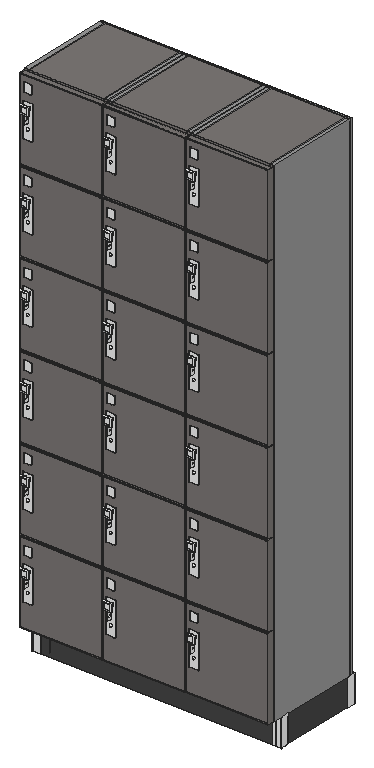
Revit family "Wood_Lockers_Hasps-Salsbury_Industries-46000_Series-3_Wide_Units.rfa", category Specialty Equipment, Revit 2016
Family settings
  Part Type = Normal
  Round Connector Dimension = Use Diameter
  OmniClass Number = 23.40.00.00
  OmniClass Title = Equipment and Furnishings
  Work Plane-Based = No
  Always vertical = Yes
  Cut with Voids When Loaded = No
  Shared = No
  Room Calculation Point = No
Parameters (values of type "46365")
  Width = 36.000"
  Version = "1.0 (01/31/24)"
  Unit Height including Sloping Hood Only [instance] = 77.743"
  Unit Height including Base Only [instance] = 76.000"
  URL = "www.lockers.com"
  Type Comments = "Premier Wood Lockers - Box Style - Six Tier - with Hasps"
  Total Doors Height [instance] = if(Unit Height = 72.000", 71.750", if(Unit Height = 60.000", 59.750", 0.000"))  # 71.750"
  Sloping Top Corner Filler - Right Side [instance] = Wood Locker Sloping Corner Fillers : None
  Sloping Top Corner Filler - Left Side [instance] = Wood Locker Sloping Corner Fillers : None
  Sloping In-Line Filler - Right Side [instance] = Wood Locker Sloping In-Line Fillers : None
  Sloping In-Line Filler - Left Side [instance] = Wood Locker Sloping In-Line Fillers : None
  Sloping Hood Height = if(Depth = 15.000", 5.743", if(Depth = 18.000", 6.868", if(Depth = 21.000", 7.993", if(Depth = 24.000", 9.118", 0.000"))))  # 5.743"
  Sloping Hood [instance] = Wood Locker Sloping Hoods : None
  Side Panel without Slope - Right Side [instance] = Wood Locker Side Panels-No Slope : None
  Side Panel without Slope - Left Side [instance] = Wood Locker Side Panels-No Slope : None
  Side Panel with Slope - Right Side [instance] = Wood Locker Side Panels-With Slope : None
  Side Panel with Slope - Left Side [instance] = Wood Locker Side Panels-With Slope : None
  Secondary Structure Materials = Particle Board Industrial Grade - Salsbury Finish - Black Melamine Overlay
  Primary Structure Materials = Particle Board Industrial Grade - Salsbury Finish - Plain
  Overall Unit Height including Base and Sloping Hood [instance] = 81.743"
  OmniClass 23 Title = "Equipment and Furnishings"
  OmniClass 23 Number = "23.40.00.00"
  Model = "46365"
  MasterFormat Title = "Lockers"
  MasterFormat Code = "10 51 23"
  Manufacturer = "Salsbury Industries"
  Laminate Surface [instance] = Industrial Grade Particleboard with Wood Laminate - Salsbury Finish - Skyline Walnut
  Unit Height = 72.000"
  Interior Material = Textured Melamine - Salsbury Finish - White
  Individual Door Width [instance] = 11.875"
  Individual Door Height = if(Unit Height = 72.000", 11.802", if(Unit Height = 60.000", 11.802", 0.000"))  # 11.802"
  Hardware = Aluminum - Salsbury Finish - Black Satin
  Front Vertical Filler - Right Side [instance] = Wood Locker Front Fillers : None
  Front Vertical Filler - Left Side [instance] = Wood Locker Front Fillers : None
  Front Corner Filler - Right Side [instance] = Wood Locker Front Corner Filler : None
  Front Corner Filler - Left Side [instance] = Wood Locker Front Corner Filler : None
  Flat Top In-Line Filler - Right Side [instance] = Wood Locker Flat In-Line Fillers : None
  Flat Top In-Line Filler - Left Side [instance] = Wood Locker Flat In-Line Fillers : None
  Flat Top Corner Filler - Right Side [instance] = Wood Locker Flat Corner Fillers : None
  Flat Top Corner Filler - Left Side [instance] = Wood Locker Flat Corner Fillers : None
  Fascia Filler [instance] = Wood Locker Fascia Fillers : None
  Double Side Panel without Slope - Right Side [instance] = Wood Locker Double Side Panels-No Slope : None
  Double Side Panel without Slope - Left Side [instance] = Wood Locker Double Side Panels-No Slope : None
  Double Side Panel with Slope - Right Side [instance] = Wood Locker Double Side Panels-With Slope : None
  Double Side Panel with Slope - Left Side [instance] = Wood Locker Double Side Panels-With Slope : None
  Door Location D1 = Premier Locker Doors_Hasp : Six Tier Door for Six Foot High Locker
  Description = "3 Wide - 6 Feet High - 15 inches Deep - with Base"
  Depth = 15.000"
  Compartment Width [instance] = 10.750"
  Compartment Height [instance] = if(Unit Height = 72.000", 11.125", if(Unit Height = 60.000", 11.100", 0.000"))  # 11.125"
  Compartment Depth [instance] = 13.750"
  Base Material = Particle Board Industrial Grade - Salsbury Finish - Black Melamine Overlay
  Base Height = 4.000"
  Base Depth [instance] = 13.250"
  Base = Wood Locker Bases : Base - 36" W x 15" D Lockers
  Assembly Code = "C1030310"
Reference planes (in)
  plane 1 "Center (Front/Back)": y = 0
  plane 2: z = 0
  plane 3 "Center (Left/Right)": x = 0
  plane 4 "Right Side of Unit": x = 18
  plane 5 "Left Side of Unit": x = -18
  plane 6 "Back of Unit": y = 7.5
  plane 7 "Front of Unit": y = -7.5
  plane 8 "Bottom of Base": z = 0
  plane 9 "Top Edge of Unit": z = 76
  plane 10 "Top of Base Edge": z = 4
  plane 11: z = 81.743
  plane 12 "Right Compartment 3 Edge": x = 17.406
  plane 13 "Left Compartment 1 Edge": x = -17.406
  plane 14 "Front Melamine Edge": y = -6.5
  plane 15 "Back Compartment Edge": y = 7.281
  plane 16 "Front Compartment Edge": y = -6.469
  plane 17 "Front Edge of Base": y = -5.125
  plane 18 "Bottom Edge of Door": z = 4.125
  plane 19 "Top Edge of Door": z = 75.875
  plane 20 "Bottom Compartment Edge": z = 4.75
  plane 21 "Top Compartment Edge": z = 75.25
  plane 22 "Center Top and Bottom": z = 40
  plane 23 "Left Melamine 1 Edge": x = -17.375
  plane 24 "Right Melamine 3 Edge": x = 17.375
  plane 25 "Back Melamine Edge": y = 7.25
  plane 26 "Left Edge of Door": x = -17.875
  plane 27: y = 8.125
  plane 28: y = -5.75
  plane 29 "Base / Ventillation Alignment": y = 8.125
  plane 30 "Compartment 1-2 Dividing Line": x = -6
  plane 31 "Compartment 2-3 Dividing Line": x = 6
  plane 32 "Right Compartment 1 Edge": x = -6.594
  plane 33 "Right Melamine 1 Edge": x = -6.625
  plane 34 "Left Compartment 2 Edge": x = -5.406
  plane 35 "Left Melamine 2 Edge": x = -5.375
  plane 36 "Right Compartment 2 Edge": x = 5.406
  plane 37 "Right Melamine 2 Edge": x = 5.375
  plane 38 "Left Compartment 3 Edge": x = 6.594
  plane 39 "Left Melamine 3 Edge": x = 6.625
  plane 40 "Compartment Shelf 5": z = 16.625
  plane 41: z = 15.875
  plane 42 "Compartment Extrusion Guide": z = 3.5
  plane 43 "Vertical Center of Compartment 1": x = -12
  plane 44 "Vertical Center of Compartment 3": x = 12
  plane 45: z = 15.927
  plane 46: z = 16.115
  plane 47: z = 27.75
  plane 48 "Compartment Shelf 4": z = 28.5
  plane 49: z = 27.917
  plane 50: z = 28.105
  plane 51 "Compartment Shelf 3": z = 40.375
  plane 52: z = 39.625
  plane 53: z = 40.095
  plane 54: z = 39.907
  plane 55: z = 51.5
  plane 56 "Compartment Shelf 2": z = 52.25
  plane 57: z = 51.897
  plane 58: z = 52.085
  plane 59: z = 63.375
  plane 60 "Compartment Shelf 1": z = 64.125
  plane 61: z = 63.887
  plane 62: z = 64.075
Forms (in)
  Extrusion 1, solid, material "Particle Board Industrial Grade - Salsbury Finish - Plain" <- "Primary Structure Materials"
    sketch origin (18, 0, 0) x (0, -1, 0) y (0, 0, 1)
      loop
        line (6.469, 76) -> (-7.25, 76) -> (-7.25, 4) -> (6.469, 4) -> (6.469, 76)
    from 0 to 0.594
  Extrusion 2, solid, material "Particle Board Industrial Grade - Salsbury Finish - Plain" <- "Primary Structure Materials"
    sketch origin (-18, 0, 0) x (0, -1, 0) y (0, 0, 1)
      loop
        line (-7.25, 76) -> (-7.25, 4) -> (6.469, 4) -> (6.469, 76) -> (-7.25, 76)
    from 0 to -0.594
  Extrusion 3, solid, material "Textured Melamine - Salsbury Finish - White" <- "Interior Material"
    sketch origin (0, 0, 4) x (0, -1, 0) y (1, 0, 0)
      loop
        line (-7.25, -17.375) -> (6.469, -17.375) -> (6.469, 17.375) -> (-7.25, 17.375) -> (-7.25, -17.375)
    from 0 to 0.75
  Extrusion 4, solid, material "Industrial Grade Particleboard with Wood Laminate - Salsbury Finish - Skyline Walnut" <- "Laminate Surface"
    sketch origin (0, 0, 76) x (0, -1, 0) y (1, 0, 0)
      loop
        line (-7.25, -17.375) -> (6.5, -17.375) -> (6.5, 17.375) -> (-7.25, 17.375) -> (-7.25, -17.375)
    from 0 to -0.75
  Extrusion 5, solid, material "Particle Board Industrial Grade - Salsbury Finish - Plain" <- "Primary Structure Materials"
    sketch origin (0, 7.5, 0) x (1, 0, 0) y (0, 0, 1)
      loop
        line (-18, 76) -> (-18, 4) -> (18, 4) -> (18, 76) -> (-18, 76)
    from 0 to 0.219
  Extrusion 6, solid, material "Industrial Grade Particleboard with Wood Laminate - Salsbury Finish - Skyline Walnut" <- "Laminate Surface"
    sketch origin (0, -6.469, 0) x (1, 0, 0) y (0, 0, 1)
      loop
        line (-18, 76) -> (-18, 4) -> (-17.375, 4) -> (-17.375, 76) -> (-18, 76)
    from 0 to 0.031
  Extrusion 7, solid, material "Industrial Grade Particleboard with Wood Laminate - Salsbury Finish - Skyline Walnut" <- "Laminate Surface"
    sketch origin (0, -6.469, 0) x (-1, 0, 0) y (0, 0, -1)
      loop
        line (-18, -76) -> (-17.375, -76) -> (-17.375, -4) -> (-18, -4) -> (-18, -76)
    from 0 to 0.031
  Extrusion 8, solid, material "Textured Melamine - Salsbury Finish - White" <- "Interior Material"
    sketch origin (0, 7.25, 0) x (1, 0, 0) y (0, 0, 1)
      loop
        line (-18, 76) -> (-18, 4) -> (18, 4) -> (18, 76) -> (-18, 76)
    from -0.031 to 0
  Extrusion 9, solid, material "Textured Melamine - Salsbury Finish - White" <- "Interior Material"
    sketch origin (-17.406, 0, 0) x (0, -1, 0) y (0, 0, 1)
      loop
        line (-7.25, 76) -> (-7.25, 4) -> (6.469, 4) -> (6.469, 76) -> (-7.25, 76)
    from 0 to -0.031
  Extrusion 10, solid, material "Textured Melamine - Salsbury Finish - White" <- "Interior Material"
    sketch origin (17.406, 0, 0) x (0, -1, 0) y (0, 0, 1)
      loop
        line (6.469, 76) -> (-7.25, 76) -> (-7.25, 4) -> (6.469, 4) -> (6.469, 76)
    from 0 to 0.031
  Extrusion 11, solid, material "Textured Melamine - Salsbury Finish - White" <- "Interior Material", detail levels fine
    sketch origin (0, 0, 16.625) x (0, -1, 0) y (1, 0, 0)
      loop
        line (-7.25, -17.375) -> (6.469, -17.375) -> (6.469, 17.375) -> (-7.25, 17.375) -> (-7.25, -17.375)
    from 0 to -0.75
  Extrusion 12, void
    sketch origin (0, 0, 76) x (0, -1, 0) y (1, 0, 0)
      loop
        line (-7.25, -6.625) -> (6.5, -6.625) -> (6.5, -5.375) -> (-7.25, -5.375) -> (-7.25, -6.625)
    from -72.5 to 0
  Extrusion 13, void
    sketch origin (12, 0, 76) x (0, -1, 0) y (1, 0, 0)
      loop
        line (-7.25, -6.625) -> (6.5, -6.625) -> (6.5, -5.375) -> (-7.25, -5.375) -> (-7.25, -6.625)
    from -72.5 to 0
  Extrusion 14, solid, material "Particle Board Industrial Grade - Salsbury Finish - Plain" <- "Primary Structure Materials"
    sketch origin (6.0625, 0, 0) x (0, -1, 0) y (0, 0, 1)
      loop
        line (6.469, 76) -> (-7.25, 76) -> (-7.25, 4) -> (6.469, 4) -> (6.469, 76)
    from 0.0625 to 0.6565
  Extrusion 15, solid, material "Textured Melamine - Salsbury Finish - White" <- "Interior Material"
    sketch origin (5.4685, 0, 0) x (0, -1, 0) y (0, 0, 1)
      loop
        line (6.469, 76) -> (-7.25, 76) -> (-7.25, 4) -> (6.469, 4) -> (6.469, 76)
    from 0.0625 to 0.0935
  Extrusion 16, solid, material "Particle Board Industrial Grade - Salsbury Finish - Plain" <- "Primary Structure Materials"
    sketch origin (-5.9375, 0, 0) x (0, -1, 0) y (0, 0, 1)
      loop
        line (6.469, 76) -> (-7.25, 76) -> (-7.25, 4) -> (6.469, 4) -> (6.469, 76)
    from 0.0625 to 0.6565
  Extrusion 17, solid, material "Textured Melamine - Salsbury Finish - White" <- "Interior Material"
    sketch origin (-6.5315, 0, 0) x (0, -1, 0) y (0, 0, 1)
      loop
        line (6.469, 76) -> (-7.25, 76) -> (-7.25, 4) -> (6.469, 4) -> (6.469, 76)
    from 0.0625 to 0.0935
  Extrusion 18, solid, material "Particle Board Industrial Grade - Salsbury Finish - Plain" <- "Primary Structure Materials"
    sketch origin (-5.9375, 0, 0) x (0, -1, 0) y (0, 0, 1)
      loop
        line (-7.25, 76) -> (-7.25, 4) -> (6.469, 4) -> (6.469, 76) -> (-7.25, 76)
    from 0.0625 to -0.5315
  Extrusion 19, solid, material "Textured Melamine - Salsbury Finish - White" <- "Interior Material"
    sketch origin (-5.3435, 0, 0) x (0, -1, 0) y (0, 0, 1)
      loop
        line (-7.25, 76) -> (-7.25, 4) -> (6.469, 4) -> (6.469, 76) -> (-7.25, 76)
    from 0.0625 to 0.0315
  Extrusion 20, solid, material "Particle Board Industrial Grade - Salsbury Finish - Plain" <- "Primary Structure Materials"
    sketch origin (6.0625, 0, 0) x (0, -1, 0) y (0, 0, 1)
      loop
        line (-7.25, 76) -> (-7.25, 4) -> (6.469, 4) -> (6.469, 76) -> (-7.25, 76)
    from 0.0625 to -0.5315
  Extrusion 21, solid, material "Textured Melamine - Salsbury Finish - White" <- "Interior Material"
    sketch origin (6.6565, 0, 0) x (0, -1, 0) y (0, 0, 1)
      loop
        line (-7.25, 76) -> (-7.25, 4) -> (6.469, 4) -> (6.469, 76) -> (-7.25, 76)
    from 0.0625 to 0.0315
  Extrusion 22, solid, material "Industrial Grade Particleboard with Wood Laminate - Salsbury Finish - Skyline Walnut" <- "Laminate Surface"
    sketch origin (11.375, -6.469, 0) x (1, 0, 0) y (0, 0, 1)
      loop
        line (-18, 76) -> (-18, 4) -> (-16.75, 4) -> (-16.75, 76) -> (-18, 76)
    from 0 to 0.031
  Extrusion 23, solid, material "Industrial Grade Particleboard with Wood Laminate - Salsbury Finish - Skyline Walnut" <- "Laminate Surface"
    sketch origin (23.375, -6.469, 0) x (1, 0, 0) y (0, 0, 1)
      loop
        line (-18, 76) -> (-18, 4) -> (-16.75, 4) -> (-16.75, 76) -> (-18, 76)
    from 0 to 0.031
  Extrusion 24, solid, material "Textured Melamine - Salsbury Finish - White" <- "Interior Material", detail levels fine
    sketch origin (0, 0, 28.5) x (0, -1, 0) y (1, 0, 0)
      loop
        line (-7.25, -17.375) -> (6.469, -17.375) -> (6.469, 17.375) -> (-7.25, 17.375) -> (-7.25, -17.375)
    from 0 to -0.75
  Extrusion 25, solid, material "Textured Melamine - Salsbury Finish - White" <- "Interior Material", detail levels fine
    sketch origin (0, 0, 40.375) x (0, -1, 0) y (1, 0, 0)
      loop
        line (-7.25, -17.375) -> (6.469, -17.375) -> (6.469, 17.375) -> (-7.25, 17.375) -> (-7.25, -17.375)
    from 0 to -0.75
  Extrusion 26, solid, material "Textured Melamine - Salsbury Finish - White" <- "Interior Material", detail levels fine
    sketch origin (0, 0, 52.25) x (0, -1, 0) y (1, 0, 0)
      loop
        line (-7.25, -17.375) -> (6.469, -17.375) -> (6.469, 17.375) -> (-7.25, 17.375) -> (-7.25, -17.375)
    from 0 to -0.75
  Extrusion 27, solid, material "Textured Melamine - Salsbury Finish - White" <- "Interior Material", detail levels fine
    sketch origin (0, 0, 64.125) x (0, -1, 0) y (1, 0, 0)
      loop
        line (-7.25, -17.375) -> (6.469, -17.375) -> (6.469, 17.375) -> (-7.25, 17.375) -> (-7.25, -17.375)
    from 0 to -0.75
  Extrusion 28, solid, material "Industrial Grade Particleboard with Wood Laminate - Salsbury Finish - Skyline Walnut" <- "Laminate Surface"
    sketch origin (0, -6.5, 0) x (1, 0, 0) y (0, 0, 1)
      loop
        line (-17.375, 64.125) -> (-17.375, 63.375) -> (17.375, 63.375) -> (17.375, 64.125) -> (-17.375, 64.125)
    from 0 to -0.031
  Extrusion 29, solid, material "Industrial Grade Particleboard with Wood Laminate - Salsbury Finish - Skyline Walnut" <- "Laminate Surface"
    sketch origin (0, -6.5, 0) x (1, 0, 0) y (0, 0, 1)
      loop
        line (-17.375, 52.25) -> (-17.375, 51.5) -> (17.375, 51.5) -> (17.375, 52.25) -> (-17.375, 52.25)
    from 0 to -0.031
  Extrusion 30, solid, material "Industrial Grade Particleboard with Wood Laminate - Salsbury Finish - Skyline Walnut" <- "Laminate Surface"
    sketch origin (0, -6.5, 0) x (1, 0, 0) y (0, 0, 1)
      loop
        line (-17.375, 40.375) -> (-17.375, 39.625) -> (17.375, 39.625) -> (17.375, 40.375) -> (-17.375, 40.375)
    from 0 to -0.031
  Extrusion 31, solid, material "Industrial Grade Particleboard with Wood Laminate - Salsbury Finish - Skyline Walnut" <- "Laminate Surface"
    sketch origin (0, -6.5, 0) x (1, 0, 0) y (0, 0, 1)
      loop
        line (-17.375, 28.5) -> (-17.375, 27.75) -> (17.375, 27.75) -> (17.375, 28.5) -> (-17.375, 28.5)
    from 0 to -0.031
  Extrusion 32, solid, material "Industrial Grade Particleboard with Wood Laminate - Salsbury Finish - Skyline Walnut" <- "Laminate Surface"
    sketch origin (0, -6.5, 0) x (1, 0, 0) y (0, 0, 1)
      loop
        line (-17.375, 16.625) -> (-17.375, 15.875) -> (17.375, 15.875) -> (17.375, 16.625) -> (-17.375, 16.625)
    from 0 to -0.031
  Extrusion 33, solid, material "Industrial Grade Particleboard with Wood Laminate - Salsbury Finish - Skyline Walnut" <- "Laminate Surface"
    sketch origin (0, -6.5, 0) x (1, 0, 0) y (0, 0, 1)
      loop
        line (-17.375, 4.75) -> (-17.375, 4) -> (17.375, 4) -> (17.375, 4.75) -> (-17.375, 4.75)
    from 0 to -0.031
Cuts and joins
  Extrusion 12, Extrusion 13 cuts Extrusion 4
  Extrusion 12, Extrusion 13 cuts Extrusion 11
  Extrusion 12, Extrusion 13 cuts Extrusion 3
  Extrusion 13 cuts Extrusion 8
  Extrusion 12, Extrusion 13 cuts Extrusion 24
  Extrusion 12, Extrusion 13 cuts Extrusion 25
  Extrusion 12, Extrusion 13 cuts Extrusion 26
  Extrusion 12, Extrusion 13 cuts Extrusion 27
Lines and regions (in)
  symbolic lines
    curve 1: line (-18, 7.25, 76) -> (18.00006, 7.25, 76)
    curve 2: line (-18, 7.25, 0) -> (-18, 7.25, 76)
    curve 3: line (18.00006, 7.25, 76) -> (18.00006, 7.25, 0)
    curve 4: line (17.406, -6.5, 76) -> (17.406, 8.125, 76)
    curve 5: line (17.406, -6.5, 0) -> (17.406, -6.5, 76)
    curve 6: line (17.406, 8.125, 76) -> (17.406, 8.125, 0)
    curve 7: line (18.00006, 7.25, 0) -> (-18, 7.25, 0)
    curve 8: line (17.406, -5.125, 0) -> (17.406, 8.125, 0)
    curve 9: line (17.406, 8.125, 0) -> (17.406, -5.125, 0)
    curve 10: line (17.406, -6.5, 0) -> (17.406, 8.125, 0)
    curve 11: line (-18, 8.125, 0) -> (18, 8.125, 0)
    curve 12: line (-18, -6.5, 0) -> (-18, 8.125, 0)
    curve 13: line (18, -6.5, 0) -> (-18, -6.5, 0)
    curve 14: line (18, 8.125, 0) -> (18, -6.5, 0)
Dimensions and locks (in)
  equal spacing: plane 5 "Left Side of Unit", plane 43 "Vertical Center of Compartment 1", plane 30 "Compartment 1-2 Dividing Line", plane 3 "Center (Left/Right)", plane 31 "Compartment 2-3 Dividing Line", plane 44 "Vertical Center of Compartment 3", plane 4 "Right Side of Unit"
  "Width": plane 5 "Left Side of Unit" to plane 4 "Right Side of Unit"
  equal spacing: plane 7 "Front of Unit", plane 1 "Center (Front/Back)", plane 6 "Back of Unit"
  "Depth": plane 7 "Front of Unit" to plane 6 "Back of Unit"
  "Base Height": plane 10 "Top of Base Edge" to plane 8 "Bottom of Base"
  "Unit Height": plane 9 "Top Edge of Unit" to plane 10 "Top of Base Edge"
  "Sloping Hood Height": plane 11 to plane 9 "Top Edge of Unit"
  locked: plane 12 "Right Compartment 3 Edge" to plane 4 "Right Side of Unit" at 0.594
  locked: plane 5 "Left Side of Unit" to plane 13 "Left Compartment 1 Edge" at 0.594
  locked: plane 7 "Front of Unit" to plane 14 "Front Melamine Edge" at 1
  locked: plane 15 "Back Compartment Edge" to plane 6 "Back of Unit" at 0.219
  locked: plane 14 "Front Melamine Edge" to plane 16 "Front Compartment Edge" at 0.031
  plane 18 "Bottom Edge of Door" to plane 10 "Top of Base Edge" = 0.125"
  plane 9 "Top Edge of Unit" to plane 19 "Top Edge of Door" = 0.125"
  plane 20 "Bottom Compartment Edge" to plane 10 "Top of Base Edge" = 0.750"
  plane 9 "Top Edge of Unit" to plane 21 "Top Compartment Edge" = 0.750"
  equal spacing: plane 9 "Top Edge of Unit", plane 22 "Center Top and Bottom", plane 10 "Top of Base Edge"
  locked: plane 24 "Right Melamine 3 Edge" to plane 12 "Right Compartment 3 Edge" at 0.031
  locked: plane 13 "Left Compartment 1 Edge" to plane 23 "Left Melamine 1 Edge" at 0.031
  locked: plane 25 "Back Melamine Edge" to plane 15 "Back Compartment Edge" at 0.031
  locked: plane 5 "Left Side of Unit" to plane 26 "Left Edge of Door" at 0.125
  "Individual Door Width": plane 26 "Left Edge of Door" to plane 30 "Compartment 1-2 Dividing Line"
  "Total Doors Height": plane 19 "Top Edge of Door" to plane 18 "Bottom Edge of Door"
  "Unit Height including Base Only": plane 9 "Top Edge of Unit" to plane 8 "Bottom of Base"
  "Unit Height including Sloping Hood Only": plane 11 to plane 10 "Top of Base Edge"
  "Overall Unit Height including Base and Sloping Hood": plane 11 to plane 8 "Bottom of Base"
  locked: plane 7 "Front of Unit" to plane 17 "Front Edge of Base" at 2.375
  locked: plane 6 "Back of Unit" to plane 27 at 0.625
  "Base Depth": plane 17 "Front Edge of Base" to plane 27
  "Compartment Width": plane 23 "Left Melamine 1 Edge" to plane 33 "Right Melamine 1 Edge"
  "Compartment Height": plane 41 to plane 20 "Bottom Compartment Edge"
  "Compartment Depth": plane 14 "Front Melamine Edge" to plane 25 "Back Melamine Edge"
  locked: plane 14 "Front Melamine Edge" to plane 28 at 0.75
  plane 14 "Front Melamine Edge" to plane 27 = 14.625"
  Extrusion 2 to Extrusion 9 = 13.719"
  plane 6 "Back of Unit" to plane 29 "Base / Ventillation Alignment" = 0.625"
  plane 32 "Right Compartment 1 Edge" to plane 30 "Compartment 1-2 Dividing Line" to plane 34 "Left Compartment 2 Edge" = 0.594" locked, 0.594" locked
  plane 36 "Right Compartment 2 Edge" to plane 31 "Compartment 2-3 Dividing Line" to plane 38 "Left Compartment 3 Edge" = 0.594" locked, 0.594" locked
  locked: plane 37 "Right Melamine 2 Edge" to plane 36 "Right Compartment 2 Edge" at 0.031
  locked: plane 38 "Left Compartment 3 Edge" to plane 39 "Left Melamine 3 Edge" at 0.031
  locked: plane 34 "Left Compartment 2 Edge" to plane 35 "Left Melamine 2 Edge" at 0.031
  locked: plane 33 "Right Melamine 1 Edge" to plane 32 "Right Compartment 1 Edge" at 0.031
  locked: plane 40 "Compartment Shelf 5" to plane 41 at 0.75
  locked: plane 10 "Top of Base Edge" to plane 42 "Compartment Extrusion Guide" at 0.5
  locked: plane 46 to plane 45 at 0.188
  "Individual Door Height": plane 45 to plane 18 "Bottom Edge of Door"
  locked: plane 48 "Compartment Shelf 4" to plane 47 at 0.75
  locked: plane 50 to plane 49 at 0.188
  "Individual Door Height": plane 49 to plane 46
  "Compartment Height": plane 47 to plane 40 "Compartment Shelf 5"
  locked: plane 53 to plane 54 at 0.188
  locked: plane 51 "Compartment Shelf 3" to plane 52 at 0.75
  "Individual Door Height": plane 54 to plane 50
  "Compartment Height": plane 52 to plane 48 "Compartment Shelf 4"
  locked: plane 56 "Compartment Shelf 2" to plane 55 at 0.75
  locked: plane 58 to plane 57 at 0.188
  locked: plane 60 "Compartment Shelf 1" to plane 59 at 0.75
  locked: plane 62 to plane 61 at 0.188
  "Compartment Height": plane 55 to plane 51 "Compartment Shelf 3"
  "Compartment Height": plane 59 to plane 56 "Compartment Shelf 2"
  "Individual Door Height": plane 57 to plane 53
  "Individual Door Height": plane 61 to plane 58
  aligned and locked: level to plane 2
  aligned and locked: plane 15 "Back Compartment Edge" to Extrusion 5
  aligned and locked: plane 4 "Right Side of Unit" to nested 1
  aligned and locked: plane 18 "Bottom Edge of Door" to nested 1
  aligned and locked: plane 7 "Front of Unit" to nested 1
  aligned and locked: plane 5 "Left Side of Unit" to nested 2
  aligned and locked: nested 2 to plane 14 "Front Melamine Edge"
  aligned and locked: plane 9 "Top Edge of Unit" to nested 2
  aligned and locked: plane 4 "Right Side of Unit" to nested 3
  aligned and locked: nested 3 to plane 9 "Top Edge of Unit"
  aligned and locked: nested 3 to plane 14 "Front Melamine Edge"
  aligned and locked: plane 9 "Top Edge of Unit" to nested 4
  aligned and locked: plane 28 to nested 4
  aligned and locked: nested 5 to plane 28
  aligned and locked: plane 5 "Left Side of Unit" to nested 5
  aligned and locked: plane 4 "Right Side of Unit" to nested 4
  aligned and locked: nested 5 to plane 9 "Top Edge of Unit"
  aligned and locked: nested 7 to plane 5 "Left Side of Unit"
  aligned and locked: nested 6 to plane 4 "Right Side of Unit"
  aligned and locked: plane 14 "Front Melamine Edge" to nested 6
  aligned and locked: nested 7 to plane 14 "Front Melamine Edge"
  aligned and locked: plane 10 "Top of Base Edge" to nested 6
  aligned and locked: nested 7 to plane 10 "Top of Base Edge"
  aligned and locked: plane 5 "Left Side of Unit" to nested 8
  aligned and locked: plane 4 "Right Side of Unit" to nested 9
  aligned and locked: nested 9 to plane 10 "Top of Base Edge"
  aligned and locked: plane 10 "Top of Base Edge" to nested 8
  aligned and locked: plane 16 "Front Compartment Edge" to nested 9
  aligned and locked: nested 8 to plane 14 "Front Melamine Edge"
  aligned and locked: plane 4 "Right Side of Unit" to nested 10
  aligned and locked: nested 10 to plane 10 "Top of Base Edge"
  aligned and locked: plane 14 "Front Melamine Edge" to nested 10
  aligned and locked: plane 14 "Front Melamine Edge" to nested 11
  aligned and locked: nested 11 to nested 3
  aligned and locked: plane 10 "Top of Base Edge" to nested 11
  aligned and locked: nested 12 to plane 5 "Left Side of Unit"
  aligned and locked: nested 12 to plane 14 "Front Melamine Edge"
  aligned and locked: nested 12 to plane 10 "Top of Base Edge"
  aligned and locked: plane 14 "Front Melamine Edge" to nested 13
  aligned and locked: nested 13 to plane 4 "Right Side of Unit"
  aligned and locked: nested 14 to plane 14 "Front Melamine Edge"
  aligned and locked: nested 14 to plane 5 "Left Side of Unit"
  aligned and locked: plane 10 "Top of Base Edge" to nested 13
  aligned and locked: nested 14 to plane 10 "Top of Base Edge"
  aligned and locked: plane 14 "Front Melamine Edge" to nested 15
  aligned and locked: plane 4 "Right Side of Unit" to nested 15
  aligned and locked: nested 16 to plane 14 "Front Melamine Edge"
  aligned and locked: plane 5 "Left Side of Unit" to nested 16
  aligned and locked: nested 15 to plane 8 "Bottom of Base"
  aligned and locked: nested 16 to plane 8 "Bottom of Base"
  aligned and locked: nested 17 to plane 5 "Left Side of Unit"
  aligned and locked: nested 18 to plane 4 "Right Side of Unit"
  aligned and locked: nested 18 to plane 14 "Front Melamine Edge"
  aligned and locked: nested 17 to plane 14 "Front Melamine Edge"
  aligned and locked: plane 8 "Bottom of Base" to nested 18
  aligned and locked: nested 17 to plane 8 "Bottom of Base"
  aligned and locked: plane 17 "Front Edge of Base" to nested 19
  aligned and locked: nested 20 to plane 9 "Top Edge of Unit"
  aligned and locked: plane 5 "Left Side of Unit" to nested 20
  aligned and locked: nested 21 to plane 9 "Top Edge of Unit"
  aligned and locked: plane 4 "Right Side of Unit" to nested 21
  aligned and locked: nested 21 to plane 14 "Front Melamine Edge"
  aligned and locked: nested 20 to plane 14 "Front Melamine Edge"
  aligned and locked: nested 23 to plane 9 "Top Edge of Unit"
  aligned and locked: plane 4 "Right Side of Unit" to nested 23
  aligned and locked: nested 22 to plane 9 "Top Edge of Unit"
  aligned and locked: plane 5 "Left Side of Unit" to nested 22
  aligned and locked: nested 23 to plane 28
  aligned and locked: nested 22 to plane 28
  aligned and locked: plane 8 "Bottom of Base" to nested 19
  aligned and locked: plane 3 "Center (Left/Right)" to nested 19
  aligned and locked: plane 25 "Back Melamine Edge" to Extrusion 3 sketch curve
  aligned and locked: Extrusion 3 sketch curve to plane 23 "Left Melamine 1 Edge"
  aligned and locked: plane 24 "Right Melamine 3 Edge" to Extrusion 3 sketch curve
  aligned and locked: plane 25 "Back Melamine Edge" to Extrusion 4 sketch curve
  aligned and locked: plane 24 "Right Melamine 3 Edge" to Extrusion 4 sketch curve
  aligned and locked: Extrusion 4 sketch curve to plane 23 "Left Melamine 1 Edge"
  aligned and locked: Extrusion 4 sketch curve to plane 14 "Front Melamine Edge"
  aligned and locked: Extrusion 4 to plane 9 "Top Edge of Unit"
  aligned and locked: plane 21 "Top Compartment Edge" to Extrusion 4
  aligned and locked: Extrusion 2 sketch curve to plane 9 "Top Edge of Unit"
  aligned and locked: plane 16 "Front Compartment Edge" to Extrusion 2 sketch curve
  aligned and locked: Extrusion 2 sketch curve to plane 25 "Back Melamine Edge"
  aligned and locked: plane 10 "Top of Base Edge" to Extrusion 2 sketch curve
  aligned and locked: Extrusion 2 to plane 13 "Left Compartment 1 Edge"
  aligned and locked: plane 5 "Left Side of Unit" to Extrusion 2
  aligned and locked: plane 10 "Top of Base Edge" to Extrusion 9 sketch curve
  aligned and locked: Extrusion 9 sketch curve to plane 25 "Back Melamine Edge"
  aligned and locked: Extrusion 9 sketch curve to plane 9 "Top Edge of Unit"
  aligned and locked: Extrusion 1 sketch curve to plane 16 "Front Compartment Edge"
  aligned and locked: plane 9 "Top Edge of Unit" to Extrusion 1 sketch curve
  aligned and locked: Extrusion 1 sketch curve to plane 10 "Top of Base Edge"
  aligned and locked: plane 25 "Back Melamine Edge" to Extrusion 1 sketch curve
  aligned and locked: Extrusion 1 to plane 4 "Right Side of Unit"
  aligned and locked: plane 12 "Right Compartment 3 Edge" to Extrusion 1
  aligned and locked: Extrusion 10 sketch curve to plane 10 "Top of Base Edge"
  aligned and locked: plane 25 "Back Melamine Edge" to Extrusion 10 sketch curve
  aligned and locked: Extrusion 10 sketch curve to plane 16 "Front Compartment Edge"
  aligned and locked: plane 9 "Top Edge of Unit" to Extrusion 10 sketch curve
  aligned and locked: Extrusion 10 to plane 12 "Right Compartment 3 Edge"
  aligned and locked: plane 24 "Right Melamine 3 Edge" to Extrusion 10
  aligned and locked: Extrusion 8 sketch curve to plane 10 "Top of Base Edge"
  aligned and locked: plane 4 "Right Side of Unit" to Extrusion 8 sketch curve
  aligned and locked: plane 9 "Top Edge of Unit" to Extrusion 8 sketch curve
  aligned and locked: Extrusion 8 sketch curve to plane 5 "Left Side of Unit"
  aligned and locked: Extrusion 8 to plane 15 "Back Compartment Edge"
  aligned and locked: plane 25 "Back Melamine Edge" to Extrusion 8
  aligned and locked: plane 9 "Top Edge of Unit" to Extrusion 5 sketch curve
  aligned and locked: Extrusion 5 sketch curve to plane 5 "Left Side of Unit"
  aligned and locked: Extrusion 5 sketch curve to plane 10 "Top of Base Edge"
  aligned and locked: plane 4 "Right Side of Unit" to Extrusion 5 sketch curve
  aligned and locked: Extrusion 7 sketch curve to plane 9 "Top Edge of Unit"
  aligned and locked: Extrusion 7 sketch curve to plane 4 "Right Side of Unit"
  aligned and locked: plane 24 "Right Melamine 3 Edge" to Extrusion 7 sketch curve
  aligned and locked: plane 10 "Top of Base Edge" to Extrusion 7 sketch curve
  aligned and locked: Extrusion 7 to plane 16 "Front Compartment Edge"
  aligned and locked: plane 14 "Front Melamine Edge" to Extrusion 7
  aligned and locked: Extrusion 6 sketch curve to plane 10 "Top of Base Edge"
  aligned and locked: plane 23 "Left Melamine 1 Edge" to Extrusion 6 sketch curve
  aligned and locked: Extrusion 6 sketch curve to plane 5 "Left Side of Unit"
  aligned and locked: plane 9 "Top Edge of Unit" to Extrusion 6 sketch curve
  aligned and locked: Extrusion 6 to plane 16 "Front Compartment Edge"
  aligned and locked: plane 14 "Front Melamine Edge" to Extrusion 6
  aligned and locked: plane 16 "Front Compartment Edge" to Extrusion 9
  aligned and locked: plane 13 "Left Compartment 1 Edge" to Extrusion 9
  aligned and locked: nested 2 to curve 1
  aligned and locked: curve 2 to nested 16
  aligned and locked: nested 15 to curve 5
  aligned and locked: curve 9 to nested 19
  aligned and locked: curve 10 to nested 15
  aligned and locked: curve 12 to plane 5 "Left Side of Unit"
  aligned and locked: plane 29 "Base / Ventillation Alignment" to curve 11
  aligned and locked: plane 29 "Base / Ventillation Alignment" to curve 6
  aligned and locked: plane 14 "Front Melamine Edge" to nested 24
  aligned and locked: plane 9 "Top Edge of Unit" to nested 24
  aligned and locked: plane 3 "Center (Left/Right)" to nested 24
  aligned and locked: plane 14 "Front Melamine Edge" to nested 25
  aligned and locked: plane 3 "Center (Left/Right)" to nested 25
  aligned and locked: plane 9 "Top Edge of Unit" to nested 25
  aligned and locked: plane 25 "Back Melamine Edge" to Extrusion 11 sketch curve
  aligned and locked: Extrusion 11 sketch curve to plane 23 "Left Melamine 1 Edge"
  aligned and locked: plane 24 "Right Melamine 3 Edge" to Extrusion 11 sketch curve
  aligned and locked: Extrusion 12 sketch curve to plane 25 "Back Melamine Edge"
  aligned and locked: plane 33 "Right Melamine 1 Edge" to Extrusion 12 sketch curve
  aligned and locked: plane 14 "Front Melamine Edge" to Extrusion 12 sketch curve
  aligned and locked: Extrusion 12 sketch curve to plane 35 "Left Melamine 2 Edge"
  aligned and locked: Extrusion 12 to plane 9 "Top Edge of Unit"
  aligned and locked: plane 42 "Compartment Extrusion Guide" to Extrusion 12
  aligned and locked: Extrusion 13 sketch curve to plane 37 "Right Melamine 2 Edge"
  aligned and locked: plane 39 "Left Melamine 3 Edge" to Extrusion 13 sketch curve
  aligned and locked: plane 25 "Back Melamine Edge" to Extrusion 13 sketch curve
  aligned and locked: Extrusion 13 sketch curve to plane 14 "Front Melamine Edge"
  aligned and locked: plane 42 "Compartment Extrusion Guide" to Extrusion 13
  aligned and locked: Extrusion 13 to plane 9 "Top Edge of Unit"
  aligned and locked: plane 9 "Top Edge of Unit" to Extrusion 14 sketch curve
  aligned and locked: plane 25 "Back Melamine Edge" to Extrusion 14 sketch curve
  aligned and locked: Extrusion 14 sketch curve to plane 10 "Top of Base Edge"
  aligned and locked: Extrusion 14 sketch curve to plane 16 "Front Compartment Edge"
  aligned and locked: plane 36 "Right Compartment 2 Edge" to Extrusion 14
  aligned and locked: Extrusion 14 to plane 31 "Compartment 2-3 Dividing Line"
  aligned and locked: plane 25 "Back Melamine Edge" to Extrusion 15 sketch curve
  aligned and locked: plane 9 "Top Edge of Unit" to Extrusion 15 sketch curve
  aligned and locked: Extrusion 15 sketch curve to plane 10 "Top of Base Edge"
  aligned and locked: Extrusion 15 sketch curve to plane 16 "Front Compartment Edge"
  aligned and locked: Extrusion 15 to plane 36 "Right Compartment 2 Edge"
  aligned and locked: plane 37 "Right Melamine 2 Edge" to Extrusion 15
  aligned and locked: plane 25 "Back Melamine Edge" to Extrusion 16 sketch curve
  aligned and locked: plane 9 "Top Edge of Unit" to Extrusion 16 sketch curve
  aligned and locked: Extrusion 16 sketch curve to plane 10 "Top of Base Edge"
  aligned and locked: Extrusion 16 sketch curve to plane 16 "Front Compartment Edge"
  aligned and locked: plane 32 "Right Compartment 1 Edge" to Extrusion 16
  aligned and locked: Extrusion 16 to plane 30 "Compartment 1-2 Dividing Line"
  aligned and locked: plane 25 "Back Melamine Edge" to Extrusion 17 sketch curve
  aligned and locked: plane 9 "Top Edge of Unit" to Extrusion 17 sketch curve
  aligned and locked: Extrusion 17 sketch curve to plane 10 "Top of Base Edge"
  aligned and locked: Extrusion 17 sketch curve to plane 16 "Front Compartment Edge"
  aligned and locked: Extrusion 17 to plane 32 "Right Compartment 1 Edge"
  aligned and locked: plane 33 "Right Melamine 1 Edge" to Extrusion 17
  aligned and locked: plane 10 "Top of Base Edge" to Extrusion 18 sketch curve
  aligned and locked: plane 16 "Front Compartment Edge" to Extrusion 18 sketch curve
  aligned and locked: Extrusion 18 sketch curve to plane 25 "Back Melamine Edge"
  aligned and locked: Extrusion 18 sketch curve to plane 9 "Top Edge of Unit"
  aligned and locked: Extrusion 18 to plane 34 "Left Compartment 2 Edge"
  aligned and locked: plane 30 "Compartment 1-2 Dividing Line" to Extrusion 18
  aligned and locked: Extrusion 19 sketch curve to plane 25 "Back Melamine Edge"
  aligned and locked: Extrusion 19 sketch curve to plane 9 "Top Edge of Unit"
  aligned and locked: plane 10 "Top of Base Edge" to Extrusion 19 sketch curve
  aligned and locked: plane 16 "Front Compartment Edge" to Extrusion 19 sketch curve
  aligned and locked: Extrusion 19 to plane 35 "Left Melamine 2 Edge"
  aligned and locked: plane 34 "Left Compartment 2 Edge" to Extrusion 19
  aligned and locked: plane 16 "Front Compartment Edge" to Extrusion 20 sketch curve
  aligned and locked: plane 10 "Top of Base Edge" to Extrusion 20 sketch curve
  aligned and locked: Extrusion 20 sketch curve to plane 9 "Top Edge of Unit"
  aligned and locked: Extrusion 20 sketch curve to plane 25 "Back Melamine Edge"
  aligned and locked: plane 31 "Compartment 2-3 Dividing Line" to Extrusion 20
  aligned and locked: Extrusion 20 to plane 38 "Left Compartment 3 Edge"
  aligned and locked: Extrusion 21 sketch curve to plane 25 "Back Melamine Edge"
  aligned and locked: Extrusion 21 sketch curve to plane 9 "Top Edge of Unit"
  aligned and locked: plane 10 "Top of Base Edge" to Extrusion 21 sketch curve
  aligned and locked: plane 16 "Front Compartment Edge" to Extrusion 21 sketch curve
  aligned and locked: Extrusion 21 to plane 39 "Left Melamine 3 Edge"
  aligned and locked: plane 38 "Left Compartment 3 Edge" to Extrusion 21
  aligned and locked: plane 31 "Compartment 2-3 Dividing Line" to nested 26
  aligned and locked: plane 30 "Compartment 1-2 Dividing Line" to nested 27
  aligned and locked: plane 18 "Bottom Edge of Door" to nested 26
  aligned and locked: plane 18 "Bottom Edge of Door" to nested 27
  aligned and locked: plane 7 "Front of Unit" to nested 26
  aligned and locked: plane 7 "Front of Unit" to nested 27
  aligned and locked: Extrusion 22 sketch curve to plane 33 "Right Melamine 1 Edge"
  aligned and locked: plane 9 "Top Edge of Unit" to Extrusion 22 sketch curve
  aligned and locked: plane 35 "Left Melamine 2 Edge" to Extrusion 22 sketch curve
  aligned and locked: Extrusion 22 sketch curve to plane 10 "Top of Base Edge"
  aligned and locked: Extrusion 22 to plane 16 "Front Compartment Edge"
  aligned and locked: plane 14 "Front Melamine Edge" to Extrusion 22
  aligned and locked: plane 9 "Top Edge of Unit" to Extrusion 23 sketch curve
  aligned and locked: Extrusion 23 sketch curve to plane 37 "Right Melamine 2 Edge"
  aligned and locked: plane 39 "Left Melamine 3 Edge" to Extrusion 23 sketch curve
  aligned and locked: Extrusion 23 sketch curve to plane 10 "Top of Base Edge"
  aligned and locked: Extrusion 23 to plane 16 "Front Compartment Edge"
  aligned and locked: plane 14 "Front Melamine Edge" to Extrusion 23
  aligned and locked: plane 46 to nested 30
  aligned and locked: plane 46 to nested 29
  aligned and locked: plane 30 "Compartment 1-2 Dividing Line" to nested 30
  aligned and locked: plane 31 "Compartment 2-3 Dividing Line" to nested 29
  aligned and locked: plane 46 to nested 28
  aligned and locked: plane 4 "Right Side of Unit" to nested 28
  aligned and locked: plane 7 "Front of Unit" to nested 28
  aligned and locked: plane 7 "Front of Unit" to nested 29
  aligned and locked: plane 7 "Front of Unit" to nested 30
  aligned and locked: plane 25 "Back Melamine Edge" to Extrusion 24 sketch curve
  aligned and locked: plane 24 "Right Melamine 3 Edge" to Extrusion 24 sketch curve
  aligned and locked: Extrusion 24 sketch curve to plane 23 "Left Melamine 1 Edge"
  aligned and locked: plane 7 "Front of Unit" to nested 31
  aligned and locked: plane 7 "Front of Unit" to nested 32
  aligned and locked: plane 7 "Front of Unit" to nested 33
  aligned and locked: plane 50 to nested 31
  aligned and locked: plane 50 to nested 32
  aligned and locked: plane 50 to nested 33
  aligned and locked: plane 4 "Right Side of Unit" to nested 31
  aligned and locked: plane 31 "Compartment 2-3 Dividing Line" to nested 32
  aligned and locked: plane 30 "Compartment 1-2 Dividing Line" to nested 33
  aligned and locked: Extrusion 25 sketch curve to plane 23 "Left Melamine 1 Edge"
  aligned and locked: plane 25 "Back Melamine Edge" to Extrusion 25 sketch curve
  aligned and locked: plane 24 "Right Melamine 3 Edge" to Extrusion 25 sketch curve
  aligned and locked: plane 7 "Front of Unit" to nested 34
  aligned and locked: plane 7 "Front of Unit" to nested 35
  aligned and locked: plane 7 "Front of Unit" to nested 36
  aligned and locked: plane 4 "Right Side of Unit" to nested 34
  aligned and locked: plane 53 to nested 34
  aligned and locked: plane 31 "Compartment 2-3 Dividing Line" to nested 35
  aligned and locked: plane 53 to nested 35
  aligned and locked: plane 30 "Compartment 1-2 Dividing Line" to nested 36
  aligned and locked: plane 53 to nested 36
  aligned and locked: plane 25 "Back Melamine Edge" to Extrusion 26 sketch curve
  aligned and locked: plane 24 "Right Melamine 3 Edge" to Extrusion 26 sketch curve
  aligned and locked: Extrusion 26 sketch curve to plane 23 "Left Melamine 1 Edge"
  aligned and locked: plane 25 "Back Melamine Edge" to Extrusion 27 sketch curve
  aligned and locked: plane 24 "Right Melamine 3 Edge" to Extrusion 27 sketch curve
  aligned and locked: Extrusion 27 sketch curve to plane 23 "Left Melamine 1 Edge"
  aligned and locked: plane 7 "Front of Unit" to nested 40
  aligned and locked: plane 7 "Front of Unit" to nested 37
  aligned and locked: plane 7 "Front of Unit" to nested 41
  aligned and locked: plane 7 "Front of Unit" to nested 38
  aligned and locked: plane 7 "Front of Unit" to nested 42
  aligned and locked: plane 7 "Front of Unit" to nested 39
  aligned and locked: plane 4 "Right Side of Unit" to nested 37
  aligned and locked: plane 58 to nested 37
  aligned and locked: plane 58 to nested 38
  aligned and locked: plane 31 "Compartment 2-3 Dividing Line" to nested 38
  aligned and locked: plane 58 to nested 39
  aligned and locked: plane 30 "Compartment 1-2 Dividing Line" to nested 39
  aligned and locked: plane 62 to nested 42
  aligned and locked: plane 30 "Compartment 1-2 Dividing Line" to nested 42
  aligned and locked: plane 4 "Right Side of Unit" to nested 40
  aligned and locked: plane 62 to nested 40
  aligned and locked: plane 62 to nested 41
  aligned and locked: plane 31 "Compartment 2-3 Dividing Line" to nested 41
  aligned and locked: plane 16 "Front Compartment Edge" to Extrusion 27
  aligned and locked: Extrusion 28 sketch curve to cut or joined group of Extrusion 12, Extrusion 13, Extrusion 27  (x4)
  aligned and locked: plane 14 "Front Melamine Edge" to Extrusion 28
  aligned and locked: Extrusion 28 to plane 16 "Front Compartment Edge"
  aligned and locked: plane 16 "Front Compartment Edge" to Extrusion 26
  aligned and locked: Extrusion 29 sketch curve to cut or joined group of Extrusion 12, Extrusion 13, Extrusion 26  (x3)
  aligned and locked: Extrusion 29 to Extrusion 7
  aligned and locked: plane 14 "Front Melamine Edge" to Extrusion 29
  aligned and locked: Extrusion 29 to plane 16 "Front Compartment Edge"
  aligned and locked: plane 14 "Front Melamine Edge" to Extrusion 30
  aligned and locked: Extrusion 30 to plane 16 "Front Compartment Edge"
  aligned and locked: plane 16 "Front Compartment Edge" to Extrusion 25
  aligned and locked: plane 16 "Front Compartment Edge" to Extrusion 24
  aligned and locked: Extrusion 31 sketch curve to cut or joined group of Extrusion 12, Extrusion 13, Extrusion 24  (x4)
  aligned and locked: plane 14 "Front Melamine Edge" to Extrusion 31
  aligned and locked: Extrusion 31 to plane 16 "Front Compartment Edge"
  aligned and locked: plane 16 "Front Compartment Edge" to Extrusion 11
  aligned and locked: Extrusion 32 sketch curve to cut or joined group of Extrusion 11, Extrusion 12, Extrusion 13  (x4)
  aligned and locked: plane 14 "Front Melamine Edge" to Extrusion 32
  aligned and locked: Extrusion 32 to plane 16 "Front Compartment Edge"
  aligned and locked: plane 16 "Front Compartment Edge" to Extrusion 3
  aligned and locked: Extrusion 33 sketch curve to cut or joined group of Extrusion 3, Extrusion 12, Extrusion 13  (x3)
  aligned and locked: Extrusion 7 to Extrusion 33 sketch curve
  aligned and locked: plane 14 "Front Melamine Edge" to Extrusion 33
  aligned and locked: Extrusion 33 to plane 16 "Front Compartment Edge"
Automatic sketch dimensions
  Extrusion 9 sketch curve to plane 16 "Front Compartment Edge" = 0.000"
  curve 3 to level = 0.000"
  curve 3 to plane 4 "Right Side of Unit" = 0.00006"
  curve 8 to plane 17 "Front Edge of Base" = 0.000"
  curve 9 to plane 17 "Front Edge of Base" = 0.000"
  plane 9 "Top Edge of Unit" to curve 5 = 0.000"
  curve 13 to plane 4 "Right Side of Unit" = 0.000"
  Extrusion 27 sketch curve to plane 14 "Front Melamine Edge" = 0.031"
  Extrusion 26 sketch curve to plane 14 "Front Melamine Edge" = 0.031"
  Extrusion 29 sketch curve to plane 37 "Right Melamine 2 Edge" = 12.000"
  plane 14 "Front Melamine Edge" to curve 13 = 0.000"
  plane 23 "Left Melamine 1 Edge" to Extrusion 30 sketch curve = 0.000"
  plane 24 "Right Melamine 3 Edge" to Extrusion 30 sketch curve = 0.000"
  Extrusion 30 sketch curve to plane 52 = 0.000"
  Extrusion 30 sketch curve to plane 51 "Compartment Shelf 3" = 0.000"
  Extrusion 25 sketch curve to plane 14 "Front Melamine Edge" = 0.031"
  Extrusion 24 sketch curve to plane 14 "Front Melamine Edge" = 0.031"
  Extrusion 11 sketch curve to plane 14 "Front Melamine Edge" = 0.031"
  Extrusion 3 sketch curve to plane 14 "Front Melamine Edge" = 0.031"
Nested families (in)
  nested 1: "Premier Locker Doors_Hasp" at (12.0625, -7.125, 4.125), type <- "Door Location D1", type "Six Tier Door for Six Foot High Locker"
  nested 2: "Wood Locker Sloping Corner Fillers" at (-27.25, 0.5, 76), type <- "Sloping Top Corner Filler - Left Side", type "None"
  nested 3: "Wood Locker Sloping Corner Fillers" at (27.25, 0.5, 76) x (-1, 0, 0) z (0, 0, 1), type <- "Sloping Top Corner Filler - Right Side", type "None"
  nested 4: "Wood Locker Flat Corner Fillers" at (25.5, -2.125, 75.25), type <- "Flat Top Corner Filler - Right Side", type "None"
  nested 5: "Wood Locker Flat Corner Fillers" at (-25.5, -2.125, 75.25) x (-1, 0, 0) z (0, 0, 1), type <- "Flat Top Corner Filler - Left Side", type "None"
  nested 6: "Wood Locker Side Panels-No Slope" at (18.375, 0.5, 4) x (0, 1, 0) z (0, 0, 1), type <- "Side Panel without Slope - Right Side", type "None"
  nested 7: "Wood Locker Side Panels-No Slope" at (-18.375, 0.5, 4) x (0, 1, 0) z (0, 0, 1), type <- "Side Panel without Slope - Left Side", type "None"
  nested 8: "Wood Locker Side Panels-With Slope" at (-18.375, 0.8125, 4) x (0, -1, 0) z (0, 0, 1), type <- "Side Panel with Slope - Left Side", type "None"
  nested 9: "Wood Locker Side Panels-With Slope" at (18.375, 0.8435, 4) x (0, -1, 0) z (0, 0, 1), type <- "Side Panel with Slope - Right Side", type "None"
  nested 10: "Wood Locker Side Panels-With Slope" at (18.375, 0.8125, 4) x (0, -1, 0) z (0, 0, 1), type <- "Side Panel with Slope - Right Side", type "None"
  nested 11: "Wood Locker Double Side Panels-No Slope" at (18.375, 0.5, 4) x (0, 1, 0) z (0, 0, 1), type <- "Double Side Panel without Slope - Right Side", type "None"
  nested 12: "Wood Locker Double Side Panels-No Slope" at (-18.375, 0.5, 4) x (0, 1, 0) z (0, 0, 1), type <- "Double Side Panel without Slope - Left Side", type "None"
  nested 13: "Wood Locker Double Side Panels-With Slope" at (18.375, 0.5, 4) x (0, 1, 0) z (0, 0, 1), type <- "Double Side Panel with Slope - Right Side", type "None"
  nested 14: "Wood Locker Double Side Panels-With Slope" at (-18.375, 0.5, 4) x (0, 1, 0) z (0, 0, 1), type <- "Double Side Panel with Slope - Left Side", type "None"
  nested 15: "Wood Locker Front Fillers" at (25.5, -6.125, 0), type <- "Front Vertical Filler - Right Side", type "None"
  nested 16: "Wood Locker Front Fillers" at (-25.5, -6.125, 0) x (-1, 0, 0) z (0, 0, 1), type <- "Front Vertical Filler - Left Side", type "None"
  nested 17: "Wood Locker Front Corner Filler" at (-19.125, -6.125, 0), type <- "Front Corner Filler - Left Side", type "None"
  nested 18: "Wood Locker Front Corner Filler" at (19.125, -6.125, 0) x (-1, 0, 0) z (0, 0, 1), type <- "Front Corner Filler - Right Side", type "None"
  nested 19: "Wood Locker Bases" at (0, 1.5, 0), type <- "Base", type "Base - 36" W x 15" D Lockers"
  nested 20: "Wood Locker Sloping In-Line Fillers" at (-24, 0.5, 76), type <- "Sloping In-Line Filler - Left Side", type "None"
  nested 21: "Wood Locker Sloping In-Line Fillers" at (24, 0.5, 76) x (-1, 0, 0) z (0, 0, 1), type <- "Sloping In-Line Filler - Right Side", type "None"
  nested 22: "Wood Locker Flat In-Line Fillers" at (-25.5, 0.875, 75.25), type <- "Flat Top In-Line Filler - Left Side", type "None"
  nested 23: "Wood Locker Flat In-Line Fillers" at (25.5, 0.875, 75.25) x (-1, 0, 0) z (0, 0, 1), type <- "Flat Top In-Line Filler - Right Side", type "None"
  nested 24: "Wood Locker Fascia Fillers" at (0, -6.125, 76), type <- "Fascia Filler", type "None"
  nested 25: "Wood Locker Sloping Hoods" at (0, 0.8125, 76), type <- "Sloping Hood", type "None"
  nested 26: "Premier Locker Doors_Hasp" at (0.0625, -7.125, 4.125), type <- "Door Location D1", type "Six Tier Door for Six Foot High Locker"
  nested 27: "Premier Locker Doors_Hasp" at (-11.9375, -7.125, 4.125), type <- "Door Location D1", type "Six Tier Door for Six Foot High Locker"
  nested 28: "Premier Locker Doors_Hasp" at (12.0625, -7.125, 16.115), type <- "Door Location D1", type "Six Tier Door for Six Foot High Locker"
  nested 29: "Premier Locker Doors_Hasp" at (0.0625, -7.125, 16.115), type <- "Door Location D1", type "Six Tier Door for Six Foot High Locker"
  nested 30: "Premier Locker Doors_Hasp" at (-11.9375, -7.125, 16.115), type <- "Door Location D1", type "Six Tier Door for Six Foot High Locker"
  nested 31: "Premier Locker Doors_Hasp" at (12.0625, -7.125, 28.105), type <- "Door Location D1", type "Six Tier Door for Six Foot High Locker"
  nested 32: "Premier Locker Doors_Hasp" at (0.0625, -7.125, 28.105), type <- "Door Location D1", type "Six Tier Door for Six Foot High Locker"
  nested 33: "Premier Locker Doors_Hasp" at (-11.9375, -7.125, 28.105), type <- "Door Location D1", type "Six Tier Door for Six Foot High Locker"
  nested 34: "Premier Locker Doors_Hasp" at (12.0625, -7.125, 40.095), type <- "Door Location D1", type "Six Tier Door for Six Foot High Locker"
  nested 35: "Premier Locker Doors_Hasp" at (0.0625, -7.125, 40.095), type <- "Door Location D1", type "Six Tier Door for Six Foot High Locker"
  nested 36: "Premier Locker Doors_Hasp" at (-11.9375, -7.125, 40.095), type <- "Door Location D1", type "Six Tier Door for Six Foot High Locker"
  nested 37: "Premier Locker Doors_Hasp" at (12.0625, -7.125, 52.085), type <- "Door Location D1", type "Six Tier Door for Six Foot High Locker"
  nested 38: "Premier Locker Doors_Hasp" at (0.0625, -7.125, 52.085), type <- "Door Location D1", type "Six Tier Door for Six Foot High Locker"
  nested 39: "Premier Locker Doors_Hasp" at (-11.9375, -7.125, 52.085), type <- "Door Location D1", type "Six Tier Door for Six Foot High Locker"
  nested 40: "Premier Locker Doors_Hasp" at (12.0625, -7.125, 64.075), type <- "Door Location D1", type "Six Tier Door for Six Foot High Locker"
  nested 41: "Premier Locker Doors_Hasp" at (0.0625, -7.125, 64.075), type <- "Door Location D1", type "Six Tier Door for Six Foot High Locker"
  nested 42: "Premier Locker Doors_Hasp" at (-11.9375, -7.125, 64.075), type <- "Door Location D1", type "Six Tier Door for Six Foot High Locker"
Definition of nested family "Premier Locker Doors_Hasp"
  Parameters (values of type "Single Tier Door for Six Foot High Locker")
    Width = 11.875"
    Visible Number Plates = yes
    Visible Center Hinge = yes
    Primary Structure Materials = none
    Number Tag-Vertical Offset = 31.625"
    Number Tag-Horizontal Offset = 10.750"
    Number Tag Width = 1.250"
    Number Tag Height = 1.250"
    Model = "Premier Locker Doors"
    Manufacturer = "Salsbury Industries"
    Lock Width = 1.500"
    Lock Height = 4.875"
    Laminate Surface = none
    Height = 71.750"
    Lock Vertical Offset = 35.875"
    Lock Horizontal Offset = 0.375"
    Door Trim = none
    Door Hasps = none
    Depth = 0.750"
    Default Elevation = 48.000"
  Types (8): name | Visible Center Hinge | Number Tag-Vertical Offset | Height | Lock Vertical Offset
    Single Tier Door for Six Foot High Locker | yes | 31.625" | 71.750" | 35.875"
    Double Tier Door-1 for Six Foot High Locker | no | 27.641" | 35.781" | 31.891"
    Double Tier Door-2 for Six Foot High Locker | yes | 2.078" | 35.781" | 6.328"
    Triple Tier Door-1 for Six Foot High Locker | no | 15.651" | 23.791" | 19.901"
    Triple Tier Door-2 for Six Foot High Locker | no | 7.646" | 23.791" | 11.896"
    Triple Tier Door-3 for Six Foot High Locker | no | 2.078" | 23.791" | 6.328"
    Four Tier Door for Six Foot High Locker | no | 4.647" | 17.796" | 8.897"
    Six Tier Door for Six Foot High Locker | no | 1.650" | 11.801" | 5.900"
  Reference planes (in)
    plane 1 "Center (Front/Back)": y = 0
    plane 2: z = 0
    plane 3 "Center (Left/Right)": x = 0
    plane 4 "Left Side of Door": x = -5.9375
    plane 5 "Right Side of Door": x = 5.9375
    plane 6 "Back of Door": y = 0.375
    plane 7 "Front of Door": y = -0.375
    plane 8 "Bottom of Door": z = 0
    plane 9 "Top of Door": z = 71.75
    plane 10 "Center of Door": z = 35.875
    plane 11 "Top of Number Tag": z = 40.75
    plane 12 "Bottom of Number Tag": z = 39.5
    plane 13 "Left Side of Number Tag": x = -5.4375
    plane 14 "Right Side of Number Tag": x = -4.1875
    plane 15 "Horizontal Center of Number Tag": x = -4.8125
    plane 16 "Center of Number Tag": z = 40.125
    plane 17 "Left Side of Lock": x = -5.5625
    plane 18 "Right Side of Lock": x = -4.0625
    plane 19 "Lock Vertical Center": z = 35.875
    plane 20 "Top of Lock": z = 38.3125
    plane 21 "Bottom of Lock": z = 33.4375
    plane 22 "Front of Hasp Stud": y = -0.5
    plane 23 "Left Side of Door-Right Side of Trim": x = -5.8125
    plane 24 "Right Side of Door-Left Side of Trim": x = 5.8125
    plane 25 "Top of Door-Bottom of Trim": z = 71.625
    plane 26 "Bottom of Door-Top of Trim": z = 0.125
    plane 27 "Laminate-Particleboard Line": y = -0.344
    plane 28 "Melamine-Particleboard Line": y = 0.344
    plane 29 "Back of Number Plate Inset": y = -0.313
    plane 30 "Center of Lock": x = -4.8125
    plane 31: y = -0.188
    plane 32 "Door Stopper Plane": y = 0.625
    plane 33: x = -5.4875
    plane 34: z = 71.3
    plane 35 "Top Hinge": z = 68.75
    plane 36: x = 5.3125
    plane 37 "Bottom Hinge": z = 3
    plane 38 "Inner Knob": y = -1.094
    plane 39 "Front of Knob": y = -1.125
    plane 40: z = 37.1875
    plane 41: z = 34.5625
    plane 42: z = 38.1875
    plane 43: x = -4.1875
    plane 44: x = -5.4375
    plane 45: z = 36.9375
    plane 46 "Top of Hole": z = 36.8125
    plane 47: x = -4.6245
    plane 48: x = -5.0005
    plane 49 "Bottom of Hole": z = 35.5625
    plane 50 "Stud Alignment": z = 34.8125
    plane 51 "Center of Handle": z = 37.5625
    plane 52: z = 37.7505
    plane 53: z = 37.3745
    plane 54: z = 37.96546
    plane 55: z = 37.15954
    plane 56 "Front of Latch": y = -1
    plane 57: z = 36.6844
    plane 58: z = 35.6844
    plane 59: z = 36.1844
    plane 60: x = 5.3435
    plane 61: z = 36.6245
    plane 62: z = 35.74816
  Forms (in)
    Extrusion 1, solid, detail levels fine
      sketch origin (0, 0, 0) x (1, 0, 0) y (0, 0, 1)
        loop
          line (-5.9065, 0.031) -> (5.9065, 0.031) -> (5.9065, 71.719) -> (-5.9065, 71.719) -> (-5.9065, 0.031)
      from -0.344 to 0.344
    Extrusion 2, solid, material <- "Laminate Surface", detail levels fine
      sketch origin (0, 0.375, 0) x (1, 0, 0) y (0, 0, 1)
        loop
          line (-5.9065, 0.031) -> (5.9065, 0.031) -> (5.9065, 71.719) -> (-5.9065, 71.719) -> (-5.9065, 0.031)
      from 0.031 to 0
    Extrusion 3, solid, material <- "Laminate Surface"
      sketch origin (0, -0.375, 0) x (1, 0, 0) y (0, 0, 1)
        loop
          line (-5.9065, 0.031) -> (5.9065, 0.031) -> (5.9065, 71.719) -> (-5.9065, 71.719) -> (-5.9065, 0.031)
      from 0 to -0.031
    Sweep 4, solid, material <- "Door Trim"
      path origin (0, 0, 0) x (1, 0, 0) y (0, 0, 1)
        loop
          line (5.8125, 71.625) -> (-5.8125, 71.625) -> (-5.8125, 0.125) -> (5.8125, 0.125) -> (5.8125, 71.625)
      profile origin (0, 0, 71.625) x (0, 0, -1) y (0, -1, 0)
        loop
          line (-0.125, 0.375) -> (-0.125, -0.375) -> (-0.094, -0.375) -> (-0.094, 0.375) -> (-0.125, 0.375)
    Extrusion 5, void
      sketch origin (-1.875, -0.313, 0) x (1, 0, 0) y (0, 0, 1)
        loop
          arc (-3.41334, 40.75) -> (-3.51881, 40.70631) -> (-3.5625, 40.60084) r 0.14916
          line (-3.5625, 40.60084) -> (-3.5625, 39.64916)
          arc (-3.5625, 39.64916) -> (-3.51881, 39.54369) -> (-3.41334, 39.5) r 0.14916
          line (-3.41334, 39.5) -> (-2.46166, 39.5)
          arc (-2.46166, 39.5) -> (-2.35619, 39.54369) -> (-2.3125, 39.64916) r 0.14916
          line (-2.3125, 39.64916) -> (-2.3125, 40.60084)
          arc (-2.3125, 40.60084) -> (-2.35619, 40.70631) -> (-2.46166, 40.75) r 0.14916
          line (-2.46166, 40.75) -> (-3.41334, 40.75)
      from 0 to 0.062
    Extrusion 6, solid, visible <- "Visible Number Plates", detail levels medium+fine
      sketch origin (-1.875, -0.375, 0) x (1, 0, 0) y (0, 0, 1)
        loop
          arc (-3.41334, 40.75) -> (-3.51881, 40.70631) -> (-3.5625, 40.60084) r 0.14916
          line (-3.5625, 40.60084) -> (-3.5625, 39.64916)
          arc (-3.5625, 39.64916) -> (-3.51881, 39.54369) -> (-3.41334, 39.5) r 0.14916
          line (-3.41334, 39.5) -> (-2.46166, 39.5)
          arc (-2.46166, 39.5) -> (-2.35619, 39.54369) -> (-2.3125, 39.64916) r 0.14916
          line (-2.3125, 39.64916) -> (-2.3125, 40.60084)
          arc (-2.3125, 40.60084) -> (-2.35619, 40.70631) -> (-2.46166, 40.75) r 0.14916
          line (-2.46166, 40.75) -> (-3.41334, 40.75)
      from -0.062 to 0
    Extrusion 7, solid, detail levels medium+fine
      sketch origin (0, 0.375, 0) x (1, 0, 0) y (0, 0, 1)
        loop
          circle (-5.4875, 71.3) r 0.25
      from 0 to -0.25
    Extrusion 8, solid, detail levels medium+fine
      sketch origin (0, 0.375, 0) x (1, 0, 0) y (0, 0, 1)
        loop
          line (5.3125, 68.5) -> (5.3125, 69) -> (4.8125, 69) -> (4.8125, 68.5) -> (5.3125, 68.5)
      from 0 to -0.25
    Extrusion 9, solid, detail levels medium+fine
      sketch origin (0, 0.375, -0.25) x (1, 0, 0) y (0, 0, 1)
        loop
          line (5.3125, 3) -> (5.3125, 3.5) -> (4.8125, 3.5) -> (4.8125, 3) -> (5.3125, 3)
      from 0 to -0.25
    Extrusion 10, solid, visible <- "Visible Center Hinge", detail levels medium+fine
      sketch origin (0, 0.375, -0.25) x (1, 0, 0) y (0, 0, 1)
        loop
          line (5.3125, 35.875) -> (5.3125, 36.375) -> (4.8125, 36.375) -> (4.8125, 35.875) -> (5.3125, 35.875)
      from 0 to -0.25
    Extrusion 11, void
      sketch origin (-1.875, -0.375, 0) x (1, 0, 0) y (0, 0, 1)
        loop
          arc (-3.5625, 38.3125) -> (-3.65089, 38.27589) -> (-3.6875, 38.1875) r 0.125
          line (-3.6875, 38.1875) -> (-3.6875, 33.5625)
          arc (-3.6875, 33.5625) -> (-3.65089, 33.47411) -> (-3.5625, 33.4375) r 0.125
          line (-3.5625, 33.4375) -> (-2.3125, 33.4375)
          arc (-2.3125, 33.4375) -> (-2.22411, 33.47411) -> (-2.1875, 33.5625) r 0.125
          line (-2.1875, 33.5625) -> (-2.1875, 38.1875)
          arc (-2.1875, 38.1875) -> (-2.22411, 38.27589) -> (-2.3125, 38.3125) r 0.125
          line (-2.3125, 38.3125) -> (-3.5625, 38.3125)
      from -0.062 to 0
    Extrusion 12, solid
      sketch origin (-1.875, -0.375, 0) x (1, 0, 0) y (0, 0, 1)
        loop
          line (-2.3125, 38.3125) -> (-3.5625, 38.3125)
          arc (-3.5625, 38.3125) -> (-3.65089, 38.27589) -> (-3.6875, 38.1875) r 0.125
          line (-3.6875, 38.1875) -> (-3.6875, 33.5625)
          arc (-3.6875, 33.5625) -> (-3.65089, 33.47411) -> (-3.5625, 33.4375) r 0.125
          line (-3.5625, 33.4375) -> (-2.3125, 33.4375)
